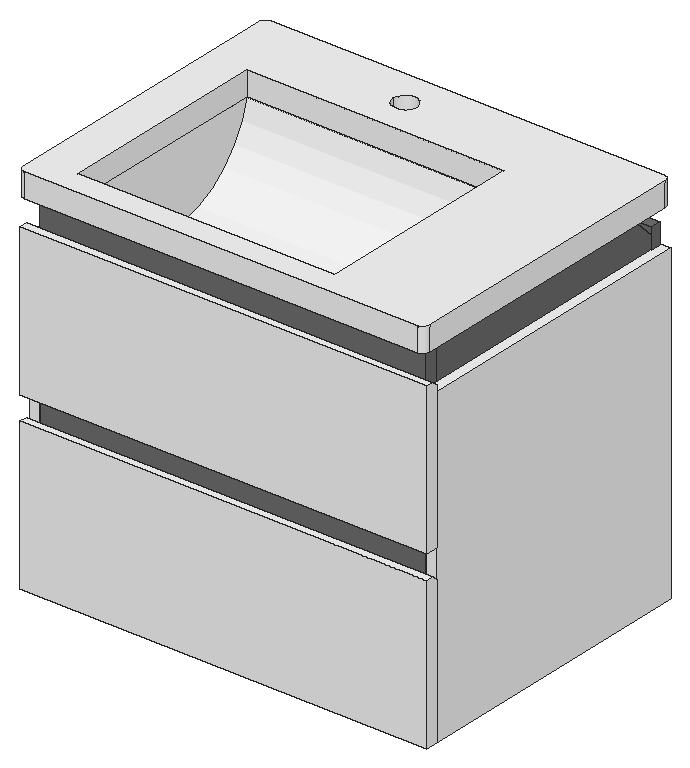
Revit family "135236861_Mueble Pontus Plus 60 cm con Lavamanos", category Furniture, Revit 2019
Family settings
  OmniClass Number = 23.31.13.11
  OmniClass Title = Single Sinks
  Work Plane-Based = No
  Always vertical = Yes
  Cut with Voids When Loaded = No
  Shared = No
  Room Calculation Point = No
Parameters
  URL = ""
  Resistencia a la humedad = "8%."  # constant formula
  Peso Neto aprox = "42,5 lb (19,3 kg)."  # constant formula
  Peso Bruto aprox = "52,0 lb (23,6 kg)."  # constant formula
  Model = "Pontus Plus 45"  # constant formula
  Material = Corona_Madera_Blanco
  Manufacturer = "Corona"  # constant formula
  Longitud = 450 mm
  Garantía Herraje = "1 Año"  # constant formula
  Garantía = "1 Año  (Madera)"  # constant formula
  Fecha de creación = "05/08/2020"  # constant formula
  Description = "Linea de Muebles Pontus Plus con acabado de pintura blanca brillante que da\r\nmayor amplitud a los espacios.\r\n· Dos cajones con 30Kg de resistencia.\r\n· Máxima capacidad de almacenamiento.\r\n· Lavamanos 100% en porcelana con superficie amplia de apoyo.\r\n· Resistentes a la humedad."  # constant formula
  Creado por = "IDD"  # constant formula
  Carga Máxima = "88,2 lb (40 kg)"  # constant formula
  Ancho = 600 mm
  Alto = 764 mm
  Acabado = Corona_Madera_Onix
Reference planes
  plane 1 "Center (Front/Back)": y = 0
  plane 2: z = 0
  plane 3 "Center (Left/Right)": x = 0
  plane 4 "Center L/S": x = 300
  plane 5 "Center L/T": x = -300
  plane 6 "Center L/U": y = -450
  plane 7 "Center L/V": x = -285
  plane 8 "Center L/W": x = 285
  plane 9 "Center L/Z": y = -432
  plane 10 "Center L/BB": y = -15
  plane 11 "Center L/CC": y = -225
  plane 12: z = 764
  plane 13: z = 257
  plane 14: z = 721
  plane 15: z = 242
  plane 16: z = 524
  plane 17: z = 424
  plane 18 "Center L/DD": x = 1
  plane 19 "Center L/EE": x = -1
  plane 20: z = 464
  plane 21: z = 499
  plane 22: z = 706
  plane 23: z = 736
  plane 24 "Center L/GG": y = -414
  plane 25 "Center L/HH": x = 270
  plane 26 "Center L/II": x = -270
Forms (mm)
  Extrusion 1, solid, not visible
    sketch origin (0, 0, -26) x (1, 0, 0) y (0, 0, 1)
      loop
        circle (-87.767, 550) r 10
    from 0 to 1
  Extrusion 2, solid, not visible
    sketch origin (-111, 0, -26) x (-1, 0, 0) y (0, 0, -1)
      loop
        circle (-198.767, -550) r 10
    from 0 to 1
  Extrusion 3, solid, not visible
    sketch origin (-87.767, 0, -126) x (-1, 0, 0) y (0, 0, -1)
      loop
        circle (-87.767, -550) r 10
    from 0 to 1
  Extrusion 4, solid, material "Corona_Madera_Blanco" <- "Material", detail levels medium+fine
    sketch origin (0, 0, 0) x (1, 0, 0) y (0, 1, 0)
      loop
        line (-300, 0) -> (-300, -432) -> (-285, -432) -> (-285, 0) -> (-300, 0)
    from 242 to 706
  Extrusion 5, solid, material "Corona_Madera_Blanco" <- "Material", detail levels medium+fine
    sketch origin (0, 0, 0) x (-1, 0, 0) y (0, -1, 0)
      loop
        line (-300, 0) -> (-285, 0) -> (-285, 432) -> (-300, 432) -> (-300, 0)
    from 242 to 706
  Extrusion 6, solid, material "Corona_Madera_Onix" <- "Acabado", detail levels medium+fine
    sketch origin (0, 0, 0) x (1, 0, 0) y (0, 1, 0)
      loop
        line (-285, 0) -> (-285, -15) -> (285, -15) -> (285, 0) -> (-285, 0)
    from 242 to 736
  Extrusion 7, solid, material "Corona_Madera_Blanco" <- "Material", detail levels medium+fine
    sketch origin (0, 0, 0) x (1, 0, 0) y (0, 1, 0)
      loop
        line (-285, -15) -> (-285, -432) -> (285, -432) -> (285, -15) -> (-285, -15)
    from 242 to 257
  Extrusion 8, solid, material "Corona_Madera_Blanco" <- "Material", detail levels coarse
    sketch origin (0, 0, 0) x (1, 0, 0) y (0, 1, 0)
      loop
        line (-300, 0) -> (-300, -450) -> (300, -450) -> (300, 0) -> (-300, 0)
    from 242 to 764
  Extrusion 9, solid, material "Corona_Porcelana_Sanitaria_Blanco", detail levels coarse
    sketch origin (0, 0, 0) x (1, 0, 0) y (0, 1, 0)
      loop
        line (-300, 0) -> (-300, -450) -> (300, -450) -> (300, 0) -> (-300, 0)
    from 764 to 799
  Extrusion 10, solid, material "Corona_Madera_Blanco" <- "Material", detail levels medium+fine
    sketch origin (0, 0, 0) x (0, 1, 0) y (0, 0, 1)
      loop
        line (-450, 242) -> (-432, 242) -> (-432, 457.273) -> (-438.727, 464) -> (-450, 464) -> (-450, 242)
      loop
        line (-450, 499) -> (-432, 499) -> (-432, 714.273) -> (-438.727, 721) -> (-450, 721) -> (-450, 499)
    from -300 to 300
  Extrusion 11, solid, material "Corona_Madera_Onix" <- "Acabado", detail levels medium+fine
    sketch origin (0, 0, 0) x (0, 1, 0) y (0, 0, 1)
      loop
        line (-414, 764) -> (-414, 706) -> (-15, 706) -> (-15, 724) -> (-55, 764) -> (-414, 764)
    from 270 to 285
  Extrusion 12, solid, material "Corona_Madera_Onix" <- "Acabado", detail levels medium+fine
    sketch origin (0, 0, 0) x (0, 1, 0) y (0, 0, -1)
      loop
        line (-414, -764) -> (-55, -764) -> (-15, -724) -> (-15, -706) -> (-414, -706) -> (-414, -764)
    from 270 to 285
  Extrusion 13, solid, material "Corona_Madera_Onix" <- "Acabado", detail levels medium+fine
    sketch origin (0, 0, 0) x (1, 0, 0) y (0, 1, 0)
      loop
        line (-285, -414) -> (-285, -432) -> (285, -432) -> (285, -414) -> (-285, -414)
    from 706 to 764
  Extrusion 14, solid, material "Corona_Madera_Onix" <- "Acabado", detail levels medium+fine
    sketch origin (0, 0, 0) x (1, 0, 0) y (0, 1, 0)
      loop
        line (-285, -414) -> (-285, -432) -> (285, -432) -> (285, -414) -> (-285, -414)
    from 457.273 to 499
Dimensions and locks
  equal spacing: plane 5 "Center L/T", plane 3 "Center (Left/Right)", plane 4 "Center L/S"
  "Ancho": plane 5 "Center L/T" to plane 4 "Center L/S"
  "Longitud": plane 6 "Center L/U" to plane 1 "Center (Front/Back)"
  plane 14 to plane 13 = 464 mm
  plane 12 to plane 15 = 522 mm
  locked: plane 13 to plane 15 at 15
  plane 12 to plane 14 = 43 mm
  "Alto": plane 12 to level
  locked: plane 7 "Center L/V" to plane 5 "Center L/T" at 15
  locked: plane 4 "Center L/S" to plane 8 "Center L/W" at 15
  plane 20 to plane 15 = 222 mm
  plane 21 to plane 20 = 35 mm
  plane 14 to plane 21 = 222 mm
  locked: plane 14 to plane 22 at 15
  locked: plane 23 to plane 14 at 15
  locked: plane 26 "Center L/II" to plane 7 "Center L/V" at 15
  locked: plane 8 "Center L/W" to plane 25 "Center L/HH" at 15
  aligned and locked: level to plane 2
  aligned and locked: Extrusion 4 sketch curve to plane 7 "Center L/V"
  aligned and locked: Extrusion 4 sketch curve to plane 9 "Center L/Z"
  aligned and locked: plane 5 "Center L/T" to Extrusion 4 sketch curve
  aligned and locked: plane 1 "Center (Front/Back)" to Extrusion 4 sketch curve
  aligned and locked: plane 9 "Center L/Z" to Extrusion 5
  aligned and locked: plane 4 "Center L/S" to Extrusion 5
  aligned and locked: Extrusion 5 to plane 8 "Center L/W"
  aligned and locked: Extrusion 5 to plane 1 "Center (Front/Back)"
  aligned and locked: Extrusion 6 sketch curve to plane 8 "Center L/W"
  aligned and locked: plane 1 "Center (Front/Back)" to Extrusion 6 sketch curve
  aligned and locked: Extrusion 6 sketch curve to plane 10 "Center L/BB"
  aligned and locked: plane 7 "Center L/V" to Extrusion 6 sketch curve
  aligned and locked: Extrusion 6 to plane 15
  aligned and locked: Extrusion 5 to plane 15
  aligned and locked: Extrusion 4 to plane 15
  aligned and locked: Extrusion 7 sketch curve to plane 8 "Center L/W"
  aligned and locked: plane 10 "Center L/BB" to Extrusion 7 sketch curve
  aligned and locked: plane 7 "Center L/V" to Extrusion 7 sketch curve
  aligned and locked: Extrusion 7 sketch curve to plane 9 "Center L/Z"
  aligned and locked: plane 13 to Extrusion 7
  aligned and locked: Extrusion 7 to plane 15
  aligned and locked: nested 1 to plane 12
  aligned and locked: plane 1 "Center (Front/Back)" to nested 1
  aligned and locked: Extrusion 8 sketch curve to plane 6 "Center L/U"
  aligned and locked: plane 5 "Center L/T" to Extrusion 8 sketch curve
  aligned and locked: plane 1 "Center (Front/Back)" to Extrusion 8 sketch curve
  aligned and locked: Extrusion 8 sketch curve to plane 4 "Center L/S"
  aligned and locked: plane 12 to Extrusion 8
  aligned and locked: Extrusion 8 to plane 15
  aligned and locked: nested 1 to Extrusion 9
  aligned and locked: Extrusion 9 to plane 12
  aligned and locked: plane 3 "Center (Left/Right)" to nested 2
  aligned and locked: plane 1 "Center (Front/Back)" to nested 2
  aligned and locked: plane 3 "Center (Left/Right)" to nested 3
  aligned and locked: nested 3 to plane 12
  aligned and locked: nested 4 to plane 11 "Center L/CC"
  aligned and locked: nested 4 to plane 12
  aligned and locked: plane 6 "Center L/U" to Extrusion 10 sketch curve
  aligned and locked: Extrusion 10 sketch curve to plane 15
  aligned and locked: Extrusion 10 sketch curve to plane 9 "Center L/Z"
  aligned and locked: plane 20 to Extrusion 10 sketch curve
  aligned and locked: Extrusion 8 to Extrusion 10 sketch curve
  aligned and locked: Extrusion 10 sketch curve to plane 21
  aligned and locked: Extrusion 10 sketch curve to Extrusion 5
  aligned and locked: plane 14 to Extrusion 10 sketch curve
  aligned and locked: plane 4 "Center L/S" to Extrusion 10
  aligned and locked: Extrusion 10 to plane 5 "Center L/T"
  aligned and locked: plane 23 to Extrusion 6
  aligned and locked: plane 22 to Extrusion 5
  aligned and locked: Extrusion 4 to Extrusion 5
  aligned and locked: Extrusion 11 sketch curve to plane 24 "Center L/GG"
  aligned and locked: Extrusion 11 sketch curve to plane 12
  aligned and locked: plane 22 to Extrusion 11 sketch curve
  aligned and locked: plane 10 "Center L/BB" to Extrusion 11 sketch curve
  aligned and locked: plane 8 "Center L/W" to Extrusion 11
  aligned and locked: Extrusion 11 to plane 25 "Center L/HH"
  aligned and locked: plane 26 "Center L/II" to Extrusion 12
  aligned and locked: plane 24 "Center L/GG" to Extrusion 12
  aligned and locked: Extrusion 12 to plane 7 "Center L/V"
  aligned and locked: Extrusion 12 to plane 10 "Center L/BB"
  aligned and locked: Extrusion 13 sketch curve to plane 8 "Center L/W"
  aligned and locked: plane 24 "Center L/GG" to Extrusion 13 sketch curve
  aligned and locked: Extrusion 13 sketch curve to plane 9 "Center L/Z"
  aligned and locked: plane 7 "Center L/V" to Extrusion 13 sketch curve
  aligned and locked: Extrusion 13 to Extrusion 12  (x2)
  aligned and locked: Extrusion 10 to Extrusion 14
  aligned and locked: plane 21 to Extrusion 14
  aligned and locked: plane 5 "Center L/T" to nested 1
Automatic sketch dimensions
  Extrusion 1 sketch curve to plane 16 = 0 mm
  Extrusion 1 sketch curve to plane 19 "Center L/EE" = 86.767 mm
  Extrusion 2 sketch curve to plane 16 = 0 mm
  plane 25 "Center L/HH" to Extrusion 2 sketch curve = 182.233 mm
  Extrusion 3 sketch curve to plane 3 "Center (Left/Right)" = 0 mm
  Extrusion 3 sketch curve to plane 17 = 0 mm
  Extrusion 5 sketch curve to plane 4 "Center L/S" = 0 mm
  Extrusion 5 sketch curve to plane 8 "Center L/W" = 0 mm
  plane 9 "Center L/Z" to Extrusion 5 sketch curve = 0 mm
  plane 1 "Center (Front/Back)" to Extrusion 5 sketch curve = 0 mm
  Extrusion 9 sketch curve to plane 5 "Center L/T" = 0 mm
  Extrusion 9 sketch curve to plane 4 "Center L/S" = 0 mm
  plane 6 "Center L/U" to Extrusion 9 sketch curve = 0 mm
  plane 1 "Center (Front/Back)" to Extrusion 9 sketch curve = 0 mm
  plane 9 "Center L/Z" to Extrusion 10 sketch curve = 6.727 mm  (x2)
  Extrusion 10 sketch curve to plane 20 = 6.727 mm
  Extrusion 10 sketch curve to plane 14 = 6.727 mm
  plane 10 "Center L/BB" to Extrusion 11 sketch curve = 40 mm
  plane 14 to Extrusion 11 sketch curve = 3 mm
  Extrusion 12 sketch curve to plane 12 = 0 mm
  Extrusion 12 sketch curve to plane 24 "Center L/GG" = 0 mm
  Extrusion 12 sketch curve to plane 10 "Center L/BB" = 0 mm
  Extrusion 12 sketch curve to plane 22 = 0 mm
  plane 10 "Center L/BB" to Extrusion 12 sketch curve = 40 mm
  plane 14 to Extrusion 12 sketch curve = 3 mm
  Extrusion 14 sketch curve to plane 7 "Center L/V" = 0 mm
  Extrusion 14 sketch curve to plane 8 "Center L/W" = 0 mm
  plane 9 "Center L/Z" to Extrusion 14 sketch curve = 0 mm
  plane 24 "Center L/GG" to Extrusion 14 sketch curve = 0 mm
  radius of Extrusion 1 sketch curve = 10 mm
  radius of Extrusion 2 sketch curve = 10 mm
  radius of Extrusion 3 sketch curve = 10 mm
Nested families
  nested 1: "Lavamanos pontus 60" at (101, 0, 799), type "Lavamanos pontus 60", detail levels medium+fine
  nested 2: "Planta3" at (0, 0, 0), type "Planta3"
  nested 3: "Front3" at (0, 0, 764) x (1, 0, 0) z (0, -1, 0), type "Front3"
  nested 4: "Rigth3" at (0, -225, 764) x (0, 1, 0) z (1, 0, 0), type "Rigth3"
Connectors
  piping at (87.767, 0, 524), diameter 12.7
    settings: on Extrusion 2, index 5, connector inside diameter 609.6 mm, connector length 0 mm, flow factor 0, pipe flow 0.0 L/s, pressure drop 0.0 Pa, fitting loss kfactor 0, connector angle 0.00°, fixture units 0, engagement length 0 mm, angle of deflection 0.00°, flow configuration 0, flow direction 0, fitting loss method 0, system type 20, joint type 0, gender type 0, connector reference index -1, connector utility 0, adjustable connector no, is connector primary yes, connector description ""
  piping at (-87.767, 0, 524), diameter 12.7
    settings: on Extrusion 1, index 6, connector inside diameter 609.6 mm, connector length 0 mm, flow factor 0, pipe flow 0.0 L/s, pressure drop 0.0 Pa, fitting loss kfactor 0, connector angle 0.00°, fixture units 0, engagement length 0 mm, angle of deflection 0.00°, flow configuration 0, flow direction 0, fitting loss method 0, system type 19, joint type 0, gender type 0, connector reference index -1, connector utility 0, adjustable connector no, is connector primary no, connector description ""
  piping at (0, 0, 424), diameter 38.1
    settings: on Extrusion 3, index 7, connector inside diameter 609.6 mm, connector length 0 mm, flow factor 0, pipe flow 0.0 L/s, pressure drop 0.0 Pa, fitting loss kfactor 0, connector angle 0.00°, fixture units 0, engagement length 0 mm, angle of deflection 0.00°, flow configuration 0, flow direction 0, fitting loss method 0, system type 16, joint type 0, gender type 0, connector reference index -1, connector utility 0, adjustable connector no, is connector primary no, connector description ""
Definition of nested family "Lavamanos pontus 60"
  Parameters (values of type "Lavamanos pontus 60")
    Material = none
    Longitud = 454 mm
    Ancho = 600 mm
  Reference planes
    plane 1 "Center (Front/Back)": y = 0
    plane 2: z = 0
    plane 3 "Center (Left/Right)": x = 0
    plane 4 "Center L/T": x = -401
    plane 5 "Center L/U": y = -454
    plane 6: z = -35
    plane 7: z = -165
    plane 8 "Center L/V": x = -341
    plane 9 "Center L/W": x = 39
    plane 10 "Center L/X": y = -419
    plane 11 "Center L/Y": y = -107
    plane 12 "Center L/S": x = 199
  Forms (mm)
    Extrusion 1, solid, material <- "Material"
      sketch origin (0, 0, 0) x (1, 0, 0) y (0, 1, 0)
        loop
          arc (-391, 0) -> (-398.071, -2.929) -> (-401, -10) r 10
          line (-401, -10) -> (-401, -444)
          arc (-401, -444) -> (-398.071, -451.071) -> (-391, -454) r 10
          line (-391, -454) -> (189, -454)
          arc (189, -454) -> (196.071, -451.071) -> (199, -444) r 10
          line (199, -444) -> (199, -10)
          arc (199, -10) -> (196.071, -2.929) -> (189, 0) r 10
          line (189, 0) -> (-391, 0)
        loop
          line (-341, -107) -> (-341, -419) -> (39, -419) -> (39, -107) -> (-341, -107)
      from 0 to -35
    Extrusion 2, solid, material <- "Material"
      sketch origin (0, 0, 0) x (1, 0, 0) y (0, 1, 0)
        loop
          line (54, -429) -> (54, -97) -> (-356, -97) -> (-356, -429) -> (54, -429)
      from -35 to -165
    Extrusion 3, void
      sketch origin (0, 0, 0) x (0, 1, 0) y (0, 0, 1)
        loop
          arc (-301.939, -157.11) -> (-380.852, -113.866) -> (-424.183, -35) r 160.826
          line (-424.183, -35) -> (-434.439, -35) -> (-434.439, -180) -> (-301.939, -180) -> (-301.939, -157.11)
        loop
          line (-224.061, -165) -> (-224.061, -180) -> (-91.561, -180) -> (-91.561, -35) -> (-101.85, -35)
          arc (-101.85, -35) -> (-144.89, -114.365) -> (-223.911, -158.034) r 160.826
          line (-223.911, -158.034) -> (-223.911, -165)
      from -401 to 81.952
    Extrusion 4, void
      sketch origin (0, 0, 0) x (0, 1, 0) y (0, 0, 1)
        loop
          line (-300.38, -153.903) -> (-225.62, -153.903) -> (-225.62, -149.131)
          arc (-225.62, -149.131) -> (-148.771, -110.385) -> (-107.249, -35) r 145.528
          line (-107.249, -35) -> (-418.082, -35)
          arc (-418.082, -35) -> (-376.804, -110.15) -> (-300.38, -149.016) r 145.528
          line (-300.38, -149.016) -> (-300.38, -153.903)
      from -341 to 39
    Extrusion 5, void
      sketch origin (0, 0, 0) x (1, 0, 0) y (0, 1, 0)
        loop
          circle (-150.039, -263.353) r 38.1
      from -185.771 to -135.263
    Extrusion 6, void
      sketch origin (0, 210, 0) x (1, 0, 0) y (0, 1, 0)
        loop
          circle (-150.039, -263.353) r 17.5
      from -52.513 to 13.257
  Cuts and joins
    Extrusion 3, Extrusion 4, Extrusion 6 cuts Extrusion 1
    Extrusion 3, Extrusion 4, Extrusion 5, Extrusion 6 cuts Extrusion 2
  Dimensions and locks
    plane 4 "Center L/T" to plane 12 "Center L/S" = 600 mm
    "Longitud": plane 5 "Center L/U" to plane 1 "Center (Front/Back)"
    plane 2 to plane 7 = 165 mm
    level to plane 6 = 35 mm
    plane 8 "Center L/V" to plane 9 "Center L/W" = 380 mm
    locked: plane 4 "Center L/T" to plane 8 "Center L/V" at 60
    plane 10 "Center L/X" to plane 11 "Center L/Y" = 312 mm
    locked: plane 5 "Center L/U" to plane 10 "Center L/X" at 35
    aligned and locked: level to plane 2
    aligned and locked: Extrusion 1 sketch curve to plane 5 "Center L/U"
    aligned and locked: plane 4 "Center L/T" to Extrusion 1 sketch curve
    aligned and locked: plane 1 "Center (Front/Back)" to Extrusion 1 sketch curve
    aligned and locked: Extrusion 1 sketch curve to plane 9 "Center L/W"
    aligned and locked: plane 11 "Center L/Y" to Extrusion 1 sketch curve
    aligned and locked: plane 8 "Center L/V" to Extrusion 1 sketch curve
    aligned and locked: Extrusion 1 sketch curve to plane 10 "Center L/X"
    aligned and locked: Extrusion 2 to plane 7
    aligned and locked: Extrusion 1 sketch curve to plane 12 "Center L/S"
  Automatic sketch dimensions
    plane 4 "Center L/T" to Extrusion 1 sketch curve = 10 mm  (x2)
    Extrusion 1 sketch curve to plane 12 "Center L/S" = 10 mm  (x2)
    Extrusion 2 sketch curve to plane 8 "Center L/V" = 15 mm
    plane 9 "Center L/W" to Extrusion 2 sketch curve = 15 mm
    plane 10 "Center L/X" to Extrusion 2 sketch curve = 10 mm
    Extrusion 2 sketch curve to plane 11 "Center L/Y" = 10 mm
    Extrusion 3 sketch curve to plane 6 = 0 mm  (x2)
    Extrusion 3 sketch curve to plane 7 = 0 mm  (x2)
    plane 10 "Center L/X" to Extrusion 3 sketch curve = 15.439 mm
    plane 10 "Center L/X" to Extrusion 3 sketch curve = 5.183 mm
    Extrusion 3 sketch curve to plane 7 = 15 mm  (x2)
    Extrusion 3 sketch curve to plane 10 "Center L/X" = 117.061 mm
    Extrusion 3 sketch curve to level = 0.082 mm
    Extrusion 3 sketch curve to plane 10 "Center L/X" = 151.806 mm
    Extrusion 3 sketch curve to level = 1.096 mm
    Extrusion 3 sketch curve to Extrusion 3 sketch curve = 8.132 mm
    Extrusion 3 sketch curve to Extrusion 3 sketch curve = 77.878 mm
    Extrusion 3 sketch curve to Extrusion 3 sketch curve = 0.15 mm
    Extrusion 3 sketch curve to plane 11 "Center L/Y" = 5.15 mm
    Extrusion 3 sketch curve to plane 11 "Center L/Y" = 15.439 mm
    Extrusion 4 sketch curve to plane 6 = 0 mm
    Extrusion 4 sketch curve to plane 10 "Center L/X" = 0.918 mm
    plane 7 to Extrusion 4 sketch curve = 11.097 mm
    Extrusion 4 sketch curve to plane 10 "Center L/X" = 118.62 mm
    Extrusion 4 sketch curve to level = 5.622 mm  (x2)
    Extrusion 4 sketch curve to plane 10 "Center L/X" = 143.45 mm
    Extrusion 4 sketch curve to Extrusion 4 sketch curve = 25.769 mm
    plane 7 to Extrusion 4 sketch curve = 15.869 mm
    Extrusion 4 sketch curve to Extrusion 4 sketch curve = 74.76 mm
    Extrusion 5 sketch curve to plane 3 "Center (Left/Right)" = 150.039 mm
    Extrusion 5 sketch curve to plane 10 "Center L/X" = 155.647 mm
    plane 1 "Center (Front/Back)" to Extrusion 6 sketch curve = 53.353 mm
    Extrusion 6 sketch curve to plane 3 "Center (Left/Right)" = 150.039 mm
    radius of Extrusion 5 sketch curve = 38.1 mm
    radius of Extrusion 6 sketch curve = 17.5 mm
  Nested families
    nested 1: "Canastilla" at (-150.015, -263.802, -179.217), type "Canastilla"
  Definition of nested family "Canastilla"
    Parameters (values of type "Canastilla")
      Material = none
    Reference planes
      plane 1 "Center (Front/Back)": y = 0
      plane 2: z = 0
      plane 3 "Center (Left/Right)": x = 0
    Forms (mm)
      Revolve 1, solid, material <- "Material"
        sketch origin (0, 0, 0) x (1, 0, 0) y (0, 0, 1)
          loop
            line (-26.595, 26.918) -> (-38.5, 26.918) -> (-38.5, 25.314) -> (-36.628, 25.314) -> (-36.628, 24.512) -> (-33.153, 24.512) -> (-33.153, 21.838) -> (-30.977, 15.519) -> (-28.87, 15.147) -> (-28.87, 11.939) -> (-27.713, 11.27) -> (-27.713, 9.934) -> (-26.865, 9.934) -> (-26.865, 7.388) -> (-17.652, 3.286) -> (-16.315, 3.286) -> (-15.184, 0) -> (0, 0) -> (0, 21.204) -> (-5.81, 21.204)
            arc (-5.81, 21.204) -> (-6.163, 21.058) -> (-6.31, 20.704) r 0.5
            line (-6.31, 20.704) -> (-6.31, 19.645)
            arc (-6.31, 19.645) -> (-6.163, 19.292) -> (-5.81, 19.145) r 0.5
            line (-5.81, 19.145) -> (-3.119, 19.145) -> (-3.119, 18.241) -> (-4.218, 18.241) -> (-4.821, 14.686) -> (-19.481, 14.686)
            arc (-19.481, 14.686) -> (-20.699, 15.099) -> (-21.413, 16.168) r 2
            line (-21.413, 16.168) -> (-23.698, 24.695)
            arc (-23.698, 24.695) -> (-24.769, 26.298) -> (-26.595, 26.918) r 3
          axis (0, 26.918) -> (0, 0)
        angle from 0 to 360
    Dimensions and locks
      aligned and locked: level to plane 2
      aligned and locked: Revolve 1 sketch curve to plane 3 "Center (Left/Right)"
      aligned and locked: Revolve 1 sketch curve to plane 2
Definition of nested family "Planta3"
  Parameters (values of type "Planta3")
    Longitud = 450 mm
    Ancho = 600 mm
  Reference planes
    plane 1 "Center (Front/Back)": y = 0
    plane 2: z = 0
    plane 3 "Center (Left/Right)": x = 0
    plane 4 "Center (F/C": x = 300
    plane 5 "Center (F/D": x = -300
    plane 6 "Center (F/E": y = -450
  Lines and regions (mm)
    detail lines, in view "Ref. Level"
      curve 1: line (-290, 0, 0) -> (290, 0, 0)
      curve 2: line (-300, -440, 0) -> (-300, -10, 0)
      curve 3: line (290, -450, 0) -> (-290, -450, 0)
      curve 4: line (300, -10, 0) -> (300, -440, 0)
      curve 5: arc (-300, -10, 0) -> (-297.071, -2.929, 0) -> (-290, 0, 0) r 10
      curve 6: arc (290, 0, 0) -> (297.071, -2.929, 0) -> (300, -10, 0) r 10
      curve 7: arc (300, -440, 0) -> (297.071, -447.071, 0) -> (290, -450, 0) r 10
      curve 8: arc (-290, -450, 0) -> (-297.071, -447.071, 0) -> (-300, -440, 0) r 10
      curve 9: line (-240, -101.85, 0) -> (-240, -424.183, 0)
      curve 10: line (139.75, -101.85, 0) -> (-240, -101.85, 0)
      curve 11: line (139.75, -424.183, 0) -> (139.75, -101.85, 0)
      curve 12: line (-240, -424.183, 0) -> (139.75, -424.183, 0)
      curve 13: line (-215, -101.85, 0) -> (-215, -131.85, 0)
      curve 14: line (-215, -424.183, 0) -> (-215, -394.183, 0)
      curve 15: arc (-215, -131.85, 0) -> (-202.642, -263.017, 0) -> (-215, -394.183, 0) r 702.248
      curve 16: line (114.75, -101.85, 0) -> (114.75, -131.85, 0)
      curve 17: line (114.75, -424.183, 0) -> (114.75, -394.183, 0)
      curve 18: arc (114.75, -131.85, 0) -> (102.392, -263.017, 0) -> (114.75, -394.183, 0) r 702.248
      curve 19: circle (-50.125, -263.017, 0) r 21.75 normal (0, 0, 1)
      curve 20: circle (-50.125, -48.017, 0) r 17.5 normal (0, 0, 1)
  Dimensions and locks
    equal spacing: plane 5 "Center (F/D", plane 3 "Center (Left/Right)", plane 4 "Center (F/C"
    "Ancho": plane 5 "Center (F/D" to plane 4 "Center (F/C"
    "Longitud": plane 6 "Center (F/E" to plane 1 "Center (Front/Back)"
    curve 2 to curve 9 to curve 11 = 60 mm, 379.75 mm
    aligned and locked: curve 4 to plane 4 "Center (F/C"
    aligned and locked: curve 3 to plane 6 "Center (F/E"
    aligned and locked: plane 5 "Center (F/D" to curve 2
    aligned and locked: plane 1 "Center (Front/Back)" to curve 1
  Automatic sketch dimensions
    curve 15 to plane 6 "Center (F/E" = 186.983 mm
    curve 15 to plane 5 "Center (F/D" = 604.89 mm
    plane 5 "Center (F/D" to curve 3 = 10 mm
    plane 1 "Center (Front/Back)" to curve 5 = 10 mm
    curve 9 to curve 14 = 25 mm
    curve 9 to curve 13 = 25 mm
    curve 19 to plane 3 "Center (Left/Right)" = 50.125 mm
    curve 20 to plane 3 "Center (Left/Right)" = 50.125 mm
    curve 17 to curve 11 = 25 mm
    curve 16 to curve 10 = 25 mm
    curve 3 to plane 4 "Center (F/C" = 10 mm
    curve 1 to plane 4 "Center (F/C" = 10 mm
    curve 18 to plane 6 "Center (F/E" = 186.983 mm
    plane 4 "Center (F/C" to curve 18 = 504.64 mm
    curve 11 to plane 6 "Center (F/E" = 25.817 mm
    curve 14 to curve 14 = 30 mm
    curve 17 to curve 17 = 30 mm
    curve 19 to plane 6 "Center (F/E" = 186.983 mm
    curve 18 to curve 11 = 30 mm
    plane 1 "Center (Front/Back)" to curve 20 = 48.017 mm
    radius of curve 19 = 21.75 mm
    radius of curve 20 = 17.5 mm
Definition of nested family "Front3"
  Parameters (values of type "Front3")
    Longitud = 522 mm
    Ancho = 600 mm
  Reference planes
    plane 1 "Center (Front/Back)": y = 0
    plane 2: z = 0
    plane 3 "Center (Left/Right)": x = 0
    plane 4 "Center (F/C": x = 300
    plane 5 "Center (F/D": x = -300
    plane 6 "Center (F/E": y = -522
    plane 7 "Center (F/I": y = 35
    plane 8 "Center (F/J": y = -278
    plane 9 "Center (F/K": y = -243
    plane 10 "Center (F/L": y = -21
  Lines and regions (mm)
    detail lines, in view "Ref. Level"
      curve 1: line (-300, 0, 0) -> (300, 0, 0)
      curve 2: line (-300, -522, 0) -> (-300, -21, 0)
      curve 3: line (300, -522, 0) -> (-300, -522, 0)
      curve 4: line (300, -21, 0) -> (300, -522, 0)
      curve 5: line (-300, -21, 0) -> (300, -21, 0)
      curve 6: line (-300, 0, 0) -> (-300, 35, 0)
      curve 7: line (-300, 35, 0) -> (300, 35, 0)
      curve 8: line (300, 35, 0) -> (300, 0, 0)
      curve 9: line (-300, -278, 0) -> (300, -278, 0)
      curve 10: line (-300, -243, 0) -> (300, -243, 0)
      curve 11: line (-285, -243, 0) -> (-285, -278, 0)
      curve 12: line (285, -243, 0) -> (285, -278, 0)
      curve 13: line (-285, 0, 0) -> (-285, -21, 0)
      curve 14: line (285, 0, 0) -> (285, -21, 0)
  Dimensions and locks
    equal spacing: plane 5 "Center (F/D", plane 3 "Center (Left/Right)", plane 4 "Center (F/C"
    "Ancho": plane 5 "Center (F/D" to plane 4 "Center (F/C"
    "Longitud": plane 6 "Center (F/E" to plane 1 "Center (Front/Back)"
    aligned and locked: curve 4 to plane 4 "Center (F/C"
    aligned and locked: curve 3 to plane 6 "Center (F/E"
    aligned and locked: plane 5 "Center (F/D" to curve 2
    aligned and locked: plane 1 "Center (Front/Back)" to curve 1
  Automatic sketch dimensions
    plane 10 "Center (F/L" to curve 13 = 0 mm
    plane 8 "Center (F/J" to curve 11 = 0 mm
    plane 9 "Center (F/K" to curve 11 = 0 mm
    plane 7 "Center (F/I" to curve 6 = 0 mm
    plane 5 "Center (F/D" to curve 13 = 15 mm
    plane 5 "Center (F/D" to curve 11 = 15 mm
    curve 14 to plane 4 "Center (F/C" = 15 mm
    curve 12 to plane 4 "Center (F/C" = 15 mm
    curve 8 to plane 4 "Center (F/C" = 0 mm
    curve 1 to plane 5 "Center (F/D" = 0 mm
Definition of nested family "Rigth3"
  Parameters (values of type "Rigth3")
    Longitud = 522 mm
    Ancho = 450 mm
  Reference planes
    plane 1 "Center (Front/Back)": y = 0
    plane 2: z = 0
    plane 3 "Center (Left/Right)": x = 0
    plane 4 "Center (F/C": x = 225
    plane 5 "Center (F/D": x = -225
    plane 6 "Center (F/E": y = -522
    plane 7 "Center (F/I": y = 35
    plane 8 "Center (F/J": y = -300
    plane 9 "Center (F/K": y = -265
    plane 10 "Center (F/L": y = -43
  Lines and regions (mm)
    detail lines, in view "Ref. Level"
      curve 1: line (-225, 0, 0) -> (225, 0, 0)
      curve 2: line (-225, -522, 0) -> (-225, -300, 0)
      curve 3: line (225, -522, 0) -> (-225, -522, 0)
      curve 4: line (225, -8, 0) -> (225, -522, 0)
      curve 5: line (-225, -300, 0) -> (-217.5, -300, 0)
      curve 6: line (-210, -307.5, 0) -> (-210, -522, 0)
      curve 7: line (-210, -307.5, 0) -> (-210, 0, 0)
      curve 8: line (-225, 0, 0) -> (-225, 35, 0)
      curve 9: line (-225, 35, 0) -> (225, 35, 0)
      curve 10: line (225, 35, 0) -> (225, 0, 0)
      curve 11: line (-217.5, -300, 0) -> (-210, -307.5, 0)
      curve 12: line (-225, -265, 0) -> (-225, -43, 0)
      curve 13: line (-210, -265, 0) -> (-225, -265, 0)
      curve 14: line (-225, -43, 0) -> (-217.5, -43, 0)
      curve 15: line (-217.5, -43, 0) -> (-210, -50.5, 0)
      curve 16: line (-210, -43, 0) -> (-195, -43, 0)
      curve 17: line (-195, -43, 0) -> (225, -43, 0)
      curve 18: line (-195, -43, 0) -> (-195, 0, 0)
      curve 19: line (210, -43, 0) -> (210, -8, 0)
      curve 20: line (210, -21.5, 0) -> (188.5, 0, 0)
      curve 21: line (210, -8, 0) -> (225, -8, 0)
  Dimensions and locks
    equal spacing: plane 5 "Center (F/D", plane 3 "Center (Left/Right)", plane 4 "Center (F/C"
    "Ancho": plane 5 "Center (F/D" to plane 4 "Center (F/C"
    "Longitud": plane 6 "Center (F/E" to plane 1 "Center (Front/Back)"
    aligned and locked: curve 4 to plane 4 "Center (F/C"
    aligned and locked: curve 3 to plane 6 "Center (F/E"
    aligned and locked: plane 5 "Center (F/D" to curve 2
    aligned and locked: plane 1 "Center (Front/Back)" to curve 1
  Automatic sketch dimensions
    curve 1 to plane 5 "Center (F/D" = 0 mm
    curve 12 to plane 5 "Center (F/D" = 0 mm
    plane 10 "Center (F/L" to curve 14 = 0 mm
    plane 8 "Center (F/J" to curve 11 = 0 mm
    plane 9 "Center (F/K" to curve 13 = 0 mm
    plane 10 "Center (F/L" to curve 16 = 0 mm
    plane 7 "Center (F/I" to curve 9 = 0 mm
    curve 12 to curve 14 = 7.5 mm
    plane 5 "Center (F/D" to curve 11 = 7.5 mm
    curve 5 to curve 6 = 7.5 mm
    curve 14 to curve 16 = 22.5 mm
    plane 8 "Center (F/J" to curve 6 = 7.5 mm
    plane 5 "Center (F/D" to curve 7 = 15 mm
    curve 20 to plane 4 "Center (F/C" = 36.5 mm
    curve 19 to plane 4 "Center (F/C" = 15 mm
    plane 10 "Center (F/L" to curve 15 = 7.5 mm
    curve 19 to curve 20 = 21.5 mm
    plane 1 "Center (Front/Back)" to curve 21 = 8 mm
    curve 1 to plane 4 "Center (F/C" = 0 mm
